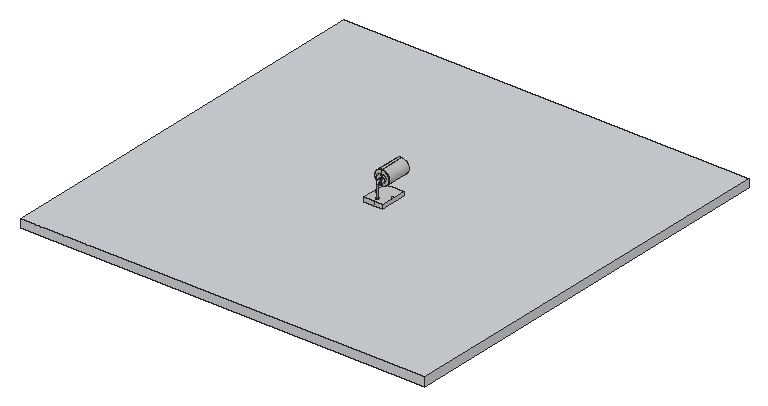
Revit family "P300327-009", category Lighting Fixtures, host Face, Revit 2017
Family settings
  Host = Face
  Round Connector Dimension = Use Diameter
  Part Type = Normal
  OmniClass Number = 23.80.70.11.14.17
  OmniClass Title = Direct/Indirect
  Cut with Voids When Loaded = No
  Light Source = Yes
  Shared = Yes
  Room Calculation Point = No
Parameters (values of type "P300327-009")
  Watts = 100 W
  Wattage Comments = "100W"
  Wattage = 100 W
  Warranty = "1 year Warranty"  # constant formula
  built-in parameter 1150110 = 1 (stored number, unit not read)
  Voltage = 120 V
  URL = "https://www.hubbell.com/progresslighting/en"
  built-in parameter 1114217 = 1 (stored number, unit not read)
  Tilt Angle = 60.00°
  built-in parameter 1150109 = 1 (stored number, unit not read)
  built-in parameter 1150134 = 3
  built-in parameter 1150113 = 1 (stored number, unit not read)
  Product Link = "https://www.hubbell.com/progresslighting/en/Products/Lighting-Controls/Residential-Indoor-Lighting/Bath-Vanity/Merry-Collection-One-Light-Brushed-Nickel-and-Etched-Glass-Transitional-Style-Bath-Vanity-Wall-Light/p/6643583"
  Product Documentation Link = "https://hubbellcdn.com/specsheet/PROG_P300327-009_spec.pdf"
  Power Factor = 1
  Photometric Web File = "generic"
  built-in parameter 1150142 = (empty or 0)
  Model = "P300327-009"  # constant formula
  Manufacturer = "Progress Lighting"  # constant formula
  built-in parameter 1150105 = 557.04 (stored number, unit not read)
  Lumens = 7000 lm
  built-in parameter 1150115 = 1 (stored number, unit not read)
  Load Classification = Lighting
  built-in parameter 1150137 = (empty or 0)
  built-in parameter 1150139 = (empty or 0)
  built-in parameter 1150112 = 1 (stored number, unit not read)
  built-in parameter 1150114 = 1 (stored number, unit not read)
  built-in parameter 1150132 = (empty or 0)
  built-in parameter 1150102 = (empty or 0)
  built-in parameter 1150107 = 3200 (stored number, unit not read)
  built-in parameter 1150138 = (empty or 0)
  built-in parameter 1150106 = 5.5704 (stored number, unit not read)
  Glass = Paint - Hubbell - White Texture
  Lamp = "LED/CFL/incandescent"  # constant formula
  Housing Material = Paint - Hubbell - Metallic Silver Textured
  Fixture distribution = "Direct"  # constant formula
  Features = "Bring a modern vibe to any room with the Merry Collection 1-Light Brushed Nickel Etched Glass Transitional Bath Vanity Light. The clean-lined frame, tubular arm, and round light base are coated in a silver brushed nickel finish. A light source glows from inside a crisp etched glass shade.\r\nApplication: Bring a modern vibe to any room with the Merry Collection 1-Light Brushed Nickel Etched Glass Transitional Bath Vanity Light ideal for any entryway, hallway, foyer, bedroom, sitting room, living room, or bathroom.\r\nStyles: Perfect for transitional and contemporary style settings.\r\nFinish: The clean-lined frame, tubular arm, and round light base are coated in silver brushed nickel finish.\r\nMaterials: Constructed from steel to ensure a long product lifespan. Mount the light fixture facing up or down.\r\nGlass/Shade: A light source glows from inside a crisp etched glass shade.\r\nBulbs: For ideal illumination, use 1 medium base bulb that is sold separately (100w max - LED/CFL/incandescent). Compatible with dimmable bulbs.\r\nDimensions: Measures 4-3/8-inch width by 8-1/4-inch height by 5-3/4-inch depth.\r\nCertifications: cULus damp location listed.\r\nPairs With: Pairs with the Tobin, Etched Glass, and Dome Glass collections.\r\nWarranty: Our 1-Year Limited Warranty guarantees your complete satisfaction with your purchase and includes professional after-sales customer service support."  # constant formula
  built-in parameter 1150104 = 6.5032 (stored number, unit not read)
  Dimming Lamp Color Temperature Shift = <None>
  Description = "Merry Collection One-Light Brushed Nickel and Etched Glass Transitional Style Bath Vanity Wall Light"  # constant formula
  Default Elevation = 48.00"
  Copyright = " ©2021 Progress Lighting, a division of Hubbell Lighting, Inc"  # constant formula
  Contact = "https://www.hubbell.com/progresslighting/en/contactUs"
  Connector Description = "Lighting Connector"  # constant formula
  Color Filter = 16777215
  built-in parameter 1114218 = 1 (stored number, unit not read)
  built-in parameter 1150133 = 10 (stored number, unit not read)
  Assembly Code = "D5020200"
  Apparent Load = Watts / Power Factor  # 100 VA
Reference planes (in)
  plane 1 "Center (Front/Back)": y = 0
  plane 2: z = 0
  plane 3 "Center (Left/Right)": x = 0
  plane 4: z = 10.50759
  plane 5: z = 6.0561
Forms (in)
  Extrusion 1, solid
    sketch origin (0, 0, 0) x (1, 0, 0) y (0, 1, 0)
      loop
        line (-48, 48) -> (-48, -48) -> (48, -48) -> (48, 48) -> (-48, 48)
    from 0 to -2
  Extrusion 2, solid, material "Paint - Hubbell - Metallic Silver Textured" <- "Housing Material"
    sketch origin (0, -0.09375, 0) x (0, -1, 0) y (1, 0, 0)
      loop
        circle (-0.04687, -1.91937) r 0.1
      loop
        circle (-0.04687, 1.91937) r 0.1
    from 0.9423 to 1.04386
  Extrusion 3, solid, material "Paint - Hubbell - Metallic Silver Textured" <- "Housing Material"
    sketch origin (0, 0, 0) x (1, 0, 0) y (0, 1, 0)
      loop
        line (0, 3) -> (-2.19, 3) -> (-2.19, -3.25) -> (0, -3.25) -> (2.19, -3.25) -> (2.19, 3) -> (0, 3)
    from 0 to 0.9423
  Revolve 4, solid, material "Paint - Hubbell - Metallic Silver Textured" <- "Housing Material"
    sketch origin (0, -1.25, -1.125) x (0, -1, 0) y (0, 0, -1)
      loop
        line (-0.39703, -5.74607) -> (-0.66504, -5.74607) -> (-0.66504, -6.82752) -> (-0.26213, -6.82752)
        arc (-0.26213, -6.82752) -> (-0.19142, -6.79823) -> (-0.16213, -6.72752) r 0.1
        line (-0.16213, -6.72752) -> (-0.16213, -5.99092) -> (-0.05542, -5.99092) -> (-0.05542, -5.74607) -> (-0.16213, -5.74607) -> (-0.39703, -5.74607)
      axis (-0.05542, -5.74607) -> (-0.66504, -5.74607)
    angle from 0 to 360
  Revolve 5, solid, material "Paint - Hubbell - White Texture" <- "Glass"
    sketch origin (-0.03125, -5.21875, -2.0625) x (0, -1, 0) y (0, 0, -1)
      loop
        line (-4.59719, -6.69919) -> (-7.99875, -6.69919) -> (-7.99875, -7.33909)
        arc (-7.99875, -7.33909) -> (-7.93579, -7.50497) -> (-7.77863, -7.5873) r 0.25
        line (-7.77863, -7.5873) -> (-5.68396, -7.36454)
        arc (-5.68396, -7.36454) -> (-5.44868, -7.30814) -> (-5.20749, -7.28919) r 1.54416
        line (-5.20749, -7.28919) -> (-4.59719, -7.28919) -> (-4.59719, -6.69919)
      axis (-4.59719, -6.69919) -> (-7.99875, -6.69919)
    angle from 0 to 360
  Revolve 6, solid, material "Paint - Hubbell - White Texture" <- "Glass"
    sketch origin (0.02485, -8.05913, 4.60947) x (0, 0, 1) y (0, 1, 0)
      loop
        line (0, 7.43773) -> (0, 10.56087) -> (0, 10.66244) -> (-0.11058, 10.66244)
        arc (-0.11058, 10.66244) -> (-0.13207, 10.62395) -> (-0.10174, 10.59197) r 0.0372
        arc (-0.10174, 10.59197) -> (-0.07712, 10.57767) -> (-0.0674, 10.55091) r 0.04171
        line (-0.0674, 10.55091) -> (-0.0674, 10.36451) -> (-0.0674, 8.11451) -> (-0.3174, 8.11451) -> (-0.3174, 7.86451) -> (-0.14062, 7.68773) -> (-0.14062, 7.43773) -> (0, 7.43773)
      axis (0, 7.43773) -> (0, 10.66244)
    angle from 0 to 360
  Revolve 7, solid, material "Paint- Wood"
    sketch origin (0.02485, -8.05913, 4.60947) x (0, 0, 1) y (0, 1, 0)
      loop
        line (-0.47346, 8.28115) -> (-0.61841, 10.35395) -> (-0.66329, 10.35395) -> (-0.51834, 8.28115) -> (-0.47346, 8.28115)
      axis (-0.61862, 10.35707) -> (-0.47346, 8.28115)
    angle from 0 to 360
  Revolve 8, solid, material "Paint- Wood"
    sketch origin (0.02485, -8.05913, 4.60947) x (0, 0, -1) y (0, -1, 0)
      loop
        line (-0.47346, -8.28115) -> (-0.51834, -8.28115) -> (-0.66723, -10.41041) -> (-0.62235, -10.41041) -> (-0.47346, -8.28115)
      axis (-0.62257, -10.41353) -> (-0.47346, -8.28115)
    angle from 0 to 360
  Revolve 9, solid, material "Paint- Wood"
    sketch origin (0.02485, -8.05913, 4.60947) x (1, 0, 0) y (0, 1, 0)
      loop
        line (-0.47346, 8.28115) -> (-0.62034, 10.38161) -> (-0.66522, 10.38161) -> (-0.51834, 8.28115) -> (-0.47346, 8.28115)
      axis (-0.62056, 10.38473) -> (-0.47346, 8.28115)
    angle from 0 to 360
  Revolve 10, solid, material "Paint- Wood"
    sketch origin (0.02485, -8.05913, 4.60947) x (-1, 0, 0) y (0, -1, 0)
      loop
        line (-0.47346, -8.28115) -> (-0.51834, -8.28115) -> (-0.66605, -10.39346) -> (-0.62117, -10.39346) -> (-0.47346, -8.28115)
      axis (-0.62139, -10.39659) -> (-0.47346, -8.28115)
    angle from 0 to 360
  Sweep 11, solid, material "Paint - Hubbell - White Texture" <- "Glass"
    path origin (0.04048, -8.55913, 4.60853) x (1, 0, 0) y (0, 1, 0)
      loop
        line (0.61067, 10.88516) -> (0.61067, 10.98257)
        arc (0.61067, 10.98257) -> (0.57513, 11.06837) -> (0.48933, 11.10391) r 0.12134
        line (0.48933, 11.10391) -> (0.04812, 11.10391)
    profile origin (0.65115, 2.37474, 4.60853) x (-1, 0, 0) y (0, 0, 1)
      loop
        circle (0, 0.00095) r 0.031
  Sweep 12, solid, material "Paint - Hubbell - White Texture" <- "Glass"
    path origin (0.00733, -8.55913, 4.60853) x (-1, 0, 0) y (0, -1, 0)
      loop
        line (0.61067, -10.88516) -> (0.61067, -10.98257)
        arc (0.61067, -10.98257) -> (0.57513, -11.06837) -> (0.48933, -11.10391) r 0.12134
        line (0.48933, -11.10391) -> (0.04812, -11.10391)
    profile origin (-0.60334, 2.37474, 4.60853) x (-1, 0, 0) y (0, 0, 1)
      loop
        circle (0, 0.00095) r 0.031
  Sweep 13, solid, material "Paint - Hubbell - White Texture" <- "Glass"
    path origin (0.04048, 11.17512, 4.60853) x (1, 0, 0) y (0, 1, 0)
      loop
        line (0.45442, -10.88516) -> (0.45442, -10.98257)
        arc (0.45442, -10.98257) -> (0.41888, -11.06837) -> (0.33308, -11.10391) r 0.12134
        line (0.33308, -11.10391) -> (0.04812, -11.10391)
    profile origin (0.4949, 0.24126, 4.60853) x (1, 0, 0) y (0, 0, 1)
      loop
        circle (0, 0.00095) r 0.031
  Sweep 14, solid, material "Paint - Hubbell - White Texture" <- "Glass"
    path origin (0.00733, 11.17512, 4.60853) x (-1, 0, 0) y (0, -1, 0)
      loop
        line (0.45442, 10.88516) -> (0.45442, 10.98257)
        arc (0.45442, 10.98257) -> (0.41888, 11.06837) -> (0.33308, 11.10391) r 0.12134
        line (0.33308, 11.10391) -> (0.04812, 11.10391)
    profile origin (-0.44709, 0.24126, 4.60853) x (1, 0, 0) y (0, 0, 1)
      loop
        circle (0, 0.00095) r 0.031
  Sweep 15, solid, material "Paint - Hubbell - White Texture" <- "Glass"
    path origin (0.02485, -8.55913, 4.62605) x (0, 0, 1) y (0, 1, 0)
      loop
        line (0.61067, 10.88516) -> (0.61067, 10.98257)
        arc (0.61067, 10.98257) -> (0.57513, 11.06837) -> (0.48933, 11.10391) r 0.12134
        line (0.48933, 11.10391) -> (0.04812, 11.10391)
    profile origin (0.02485, 2.37474, 5.23672) x (0, 0, -1) y (-1, 0, 0)
      loop
        circle (0, 0.00095) r 0.031
  Sweep 16, solid, material "Paint - Hubbell - White Texture" <- "Glass"
    path origin (0.02485, -8.55913, 4.5929) x (0, 0, -1) y (0, -1, 0)
      loop
        line (0.61067, -10.88516) -> (0.61067, -10.98257)
        arc (0.61067, -10.98257) -> (0.57513, -11.06837) -> (0.48933, -11.10391) r 0.12134
        line (0.48933, -11.10391) -> (0.04812, -11.10391)
    profile origin (0.02485, 2.37474, 3.98223) x (0, 0, -1) y (-1, 0, 0)
      loop
        circle (0, 0.00095) r 0.031
  Sweep 17, solid, material "Paint - Hubbell - White Texture" <- "Glass"
    path origin (0.02485, 11.17512, 4.62605) x (0, 0, 1) y (0, 1, 0)
      loop
        line (0.45442, -10.88516) -> (0.45442, -10.98257)
        arc (0.45442, -10.98257) -> (0.41888, -11.06837) -> (0.33308, -11.10391) r 0.12134
        line (0.33308, -11.10391) -> (0.04812, -11.10391)
    profile origin (0.02485, 0.24126, 5.08047) x (0, 0, 1) y (-1, 0, 0)
      loop
        circle (0, 0.00095) r 0.031
  Sweep 18, solid, material "Paint - Hubbell - White Texture" <- "Glass"
    path origin (0.02485, 11.17512, 4.5929) x (0, 0, -1) y (0, -1, 0)
      loop
        line (0.45442, 10.88516) -> (0.45442, 10.98257)
        arc (0.45442, 10.98257) -> (0.41888, 11.06837) -> (0.33308, 11.10391) r 0.12134
        line (0.33308, 11.10391) -> (0.04812, 11.10391)
    profile origin (0.02485, 0.24126, 4.13848) x (0, 0, 1) y (-1, 0, 0)
      loop
        circle (0, 0.00095) r 0.031
  Revolve 19, solid, material "Paint - Hubbell - White Texture" <- "Glass"
    sketch origin (0, -1.5, -2) x (0, -1, 0) y (0, 0, -1)
      loop
        line (-0.87287, -7.54713) -> (-0.91291, -7.54713) -> (-0.91291, -8.25098)
        arc (-0.91291, -8.25098) -> (-0.94565, -8.33003) -> (-1.02469, -8.36277) r 0.11178
        line (-1.02469, -8.36277) -> (-6.77469, -8.36277) -> (-6.77469, -8.3973) -> (-0.99008, -8.3973)
        arc (-0.99008, -8.3973) -> (-0.9072, -8.36297) -> (-0.87287, -8.28009) r 0.11721
        line (-0.87287, -8.28009) -> (-0.87287, -7.54713)
      axis (-6.77469, -6.60947) -> (-0.87287, -6.60947)
    angle from 0 to 360
  Sweep 20, solid, material "Paint - Hubbell - Metallic Silver Textured" <- "Housing Material"
    path origin (0, -0.8125, 6.11048) x (0, -1, 0) y (0, 0, -1)
      loop
        line (-0.1919, 1.48887) -> (0.7456, 1.48887)
        arc (0.7456, 1.48887) -> (1.09915, 1.63532) -> (1.2456, 1.98887) r 0.5
        line (1.2456, 1.98887) -> (1.2456, 5.16818)
    profile origin (0, -1.08935, 4.62161) x (0, 0, -1) y (1, 0, 0)
      loop
        circle (0, 0) r 0.15
  Revolve 21, solid, material "Paint - Hubbell - Metallic Silver Textured" <- "Housing Material"
    sketch origin (0, -7.77646, 1.96567) x (0, 0, 1) y (0, -1, 0)
      loop
        line (-1.0215, -5.99092) -> (-0.9148, -5.99092) -> (-0.9148, -5.74607) -> (-1.0215, -5.74607) -> (-1.0215, -5.99092)
      axis (-0.9148, -5.74607) -> (-1.0215, -5.74607)
    angle from 0 to 360
Dimensions and locks (in)
  aligned and locked: plane 2 to Extrusion 1
Connectors (in)
  electrical at (0, -0.125, 0)
    settings: on Extrusion 3, index 1, voltage 0 V, apparent load 0 VA, apparent load phase1 0 VA, apparent load phase2 0 VA, apparent load phase3 0 VA, power factor 1, load classification "Other", number of poles 1, system type 30, power factor state 1, is connector primary yes, connector utility no, sub classification motor no, connector description ""
